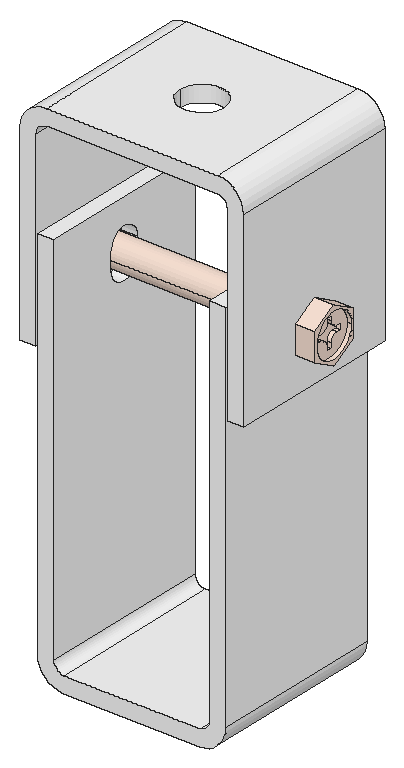
Revit family "boxhanger_60x30x10", category 機械設備, Revit 2022
Family settings
  丸型コネクタ寸法 = 直径を使用
  種別 = なし
  パーツ タイプ = 標準
  作業面ベース = いいえ
  常に垂直 = はい
  ロード時にボイドで切り取り = いいえ
  注釈の向きを維持 = いいえ
  共有 = いいえ
  部屋計算ポイント = いいえ
Parameters
  製造元 = "株式会社桐井製作所"
  既定の高さ = 0 mm
  URL = "https://www.kirii.co.jp/"
  K_角度 [instance] = 90.00°
  K_材質 = "SGHC　一般用"
  K_品名 = "60×30×10ボックスハンガー"
  K_名称 = "その他ハンガー"
  K_入数 = "100"
  K_バージョン情報 = "20211012"
  K_めっき付着量 = "Z12"
  K_JIS規格 = "JIS G 3302"
Reference planes
  plane 1 "中心(正面/背面)": y = 0
  plane 2: z = 0
  plane 3 "中心(左/右)": x = 0
Dimensions and locks
  "K_角度": angle nested 1 to plane 2
  aligned and locked: level to plane 2
Nested families
  nested 1: "60BOXハンガー下部金具" at (0, 0, 0), type "60BOXハンガー下部金具"
  nested 2: "60BOXハンガー上部金具" at (0, 0, 0), type "60BOXハンガー上部金具"
Definition of nested family "60BOXハンガー下部金具"
  Parameters (values of type "60BOXハンガー下部金具")
    Manufacturer = "株式会社桐井製作所"
    Default Elevation = 0 mm
    URL = "https://www.kirii.co.jp/"
    K_名称 = "60ボックスハンガー下部金具"
    K_バージョン情報 = "20211012"
  Reference planes
    plane 1 "中心(正面/背面)": y = 0
    plane 2: z = 0
    plane 3 "中心(左/右)": x = 0
  Forms (mm)
    Extrusion 1, solid
      sketch origin (0, 0, 10.261) x (1, 0, 0) y (0, 0, 1)
        loop
          line (18.678, -75.061) -> (18.678, -0.261) -> (15.478, -0.261) -> (15.478, -75.061)
          arc (15.478, -75.061) -> (14.892, -76.475) -> (13.478, -77.061) r 2
          line (13.478, -77.061) -> (-13.522, -77.061)
          arc (-13.522, -77.061) -> (-14.936, -76.475) -> (-15.522, -75.061) r 2
          line (-15.522, -75.061) -> (-15.522, -0.261) -> (-18.722, -0.261) -> (-18.722, -75.061)
          arc (-18.722, -75.061) -> (-17.199, -78.738) -> (-13.522, -80.261) r 5.2
          line (-13.522, -80.261) -> (13.478, -80.261)
          arc (13.478, -80.261) -> (17.155, -78.738) -> (18.678, -75.061) r 5.2
      from -17.5 to 17.5
    Extrusion 2, void
      sketch origin (0, 0, 0) x (0, 1, 0) y (0, 0, 1)
        loop
          arc (3.5, 1.5) -> (0, 5) -> (-3.5, 1.5) r 3.5
          line (-3.5, 1.5) -> (-3.5, -1.5)
          arc (-3.5, -1.5) -> (0, -5) -> (3.5, -1.5) r 3.5
          line (3.5, -1.5) -> (3.5, 1.5)
      from 15.478 to 18.678
    Extrusion 3, void
      sketch origin (-34.2, 0, 0) x (0, 1, 0) y (0, 0, 1)
        loop
          arc (3.5, 1.5) -> (0, 5) -> (-3.5, 1.5) r 3.5
          line (-3.5, 1.5) -> (-3.5, -1.5)
          arc (-3.5, -1.5) -> (0, -5) -> (3.5, -1.5) r 3.5
          line (3.5, -1.5) -> (3.5, 1.5)
      from 15.478 to 18.678
  Cuts and joins
    Extrusion 2, Extrusion 3 cuts Extrusion 1
  Dimensions and locks
    aligned and locked: level to plane 2
  Nested families
    nested 1: "M6×55ボルト" at (22.178, 0.022, 0.2) x (0, 1, 0) z (0, 0, 1), type "M6×55ボルト"
    nested 2: "M6ナット" at (-26.222, 0.011, 0.2) x (0, 1, 0) z (0, 0, 1), type "M6ナット"
  Definition of nested family "M6×55ボルト"
    Parameters (values of type "M6×55ボルト")
      Manufacturer = "株式会社桐井製作所"
      Default Elevation = 0 mm
      URL = "https://www.kirii.co.jp/"
      K_名称 = "M6×55ボルト"
    Reference planes
      plane 1 "中心(正面/背面)": y = 0
      plane 2: z = 0
      plane 3 "中心(左/右)": x = 0
      plane 4 "正面": y = -4
    Forms (mm)
      Extrusion 1, solid
        sketch origin (0, 0, 0) x (1, 0, 0) y (0, 0, 1)
          loop
            line (-4.763, -2.946) -> (0, -5.696) -> (4.763, -2.946) -> (4.763, 2.554) -> (0, 5.304) -> (-4.763, 2.554) -> (-4.763, -2.946)
        from 0 to 4
      Extrusion 2, void
        sketch origin (0, -4, 0) x (-1, 0, 0) y (0, 0, 1)
          loop
            circle (0, -0.156) r 4.396
        from 0 to 1
      Extrusion 3, void
        sketch origin (0, -4, 0) x (-1, 0, 0) y (0, 0, 1)
          loop
            arc (-0.6, 1.814) -> (-1.069, 0.856) -> (-2.036, 0.404) r 1.605
            line (-2.036, 0.404) -> (-2.939, 0.404)
            arc (-2.939, 0.404) -> (-3, -0.195) -> (-2.94, -0.795) r 3
            line (-2.94, -0.795) -> (-2.049, -0.795)
            arc (-2.049, -0.795) -> (-1.074, -1.243) -> (-0.6, -2.206) r 1.605
            line (-0.6, -2.206) -> (-0.6, -3.135)
            arc (-0.6, -3.135) -> (0, -3.196) -> (0.6, -3.135) r 3
            line (0.6, -3.135) -> (0.6, -2.206)
            arc (0.6, -2.206) -> (1.074, -1.243) -> (2.049, -0.795) r 1.605
            line (2.049, -0.795) -> (2.94, -0.795)
            arc (2.94, -0.795) -> (3, -0.198) -> (2.941, 0.398) r 3
            line (2.941, 0.398) -> (2.117, 0.398)
            arc (2.117, 0.398) -> (1.098, 0.828) -> (0.6, 1.814) r 1.605
            line (0.6, 1.814) -> (0.6, 2.743)
            arc (0.6, 2.743) -> (0, 2.804) -> (-0.6, 2.743) r 3
            line (-0.6, 2.743) -> (-0.6, 1.814)
        from 0 to 2
      Extrusion 4, solid
        sketch origin (0, 0, 0) x (1, 0, 0) y (0, 0, 1)
          loop
            circle (-0.011, -0.2) r 3
        from 0 to -55
    Cuts and joins
      Extrusion 2, Extrusion 3 cuts Extrusion 1
      joined: Extrusion 1, Extrusion 4
    Dimensions and locks
      aligned and locked: level to plane 2
  Definition of nested family "M6ナット"
    Parameters (values of type "M6ナット")
      Manufacturer = "株式会社桐井製作所"
      Default Elevation = 0 mm
      URL = "https://www.kirii.co.jp/"
      K_名称 = "M6ナット"
    Reference planes
      plane 1 "中心(正面/背面)": y = 0
      plane 2: z = 0
      plane 3 "中心(左/右)": x = 0
      plane 4 "正面": y = -4
    Forms (mm)
      Extrusion 1, solid
        sketch origin (0, 0, 0) x (1, 0, 0) y (0, 0, 1)
          loop
            line (-4.763, -2.946) -> (0, -5.696) -> (4.763, -2.946) -> (4.763, 2.554) -> (0, 5.304) -> (-4.763, 2.554) -> (-4.763, -2.946)
        from 0 to 4
      Extrusion 2, void
        sketch origin (0, 0, 0) x (1, 0, 0) y (0, 0, 1)
          loop
            circle (-0.011, -0.2) r 3
        from 0 to 4
    Cuts and joins
      Extrusion 2 cuts Extrusion 1
    Dimensions and locks
      aligned and locked: level to plane 2
Definition of nested family "60BOXハンガー上部金具"
  Parameters (values of type "60BOXハンガー上部金具")
    Manufacturer = "株式会社桐井製作所"
    Default Elevation = 0 mm
    URL = "https://www.kirii.co.jp/"
    K_名称 = "60ボックスハンガー下部金具"
    K_バージョン情報 = "20211012"
  Reference planes
    plane 1 "中心(正面/背面)": y = 0
    plane 2: z = 0
    plane 3 "中心(左/右)": x = 0
  Forms (mm)
    Extrusion 1, solid
      sketch origin (0, 0, 0) x (1, 0, 0) y (0, 0, 1)
        loop
          line (-19, -10.052) -> (-19, 27.748)
          arc (-19, 27.748) -> (-18.414, 29.162) -> (-17, 29.748) r 2
          line (-17, 29.748) -> (17, 29.748)
          arc (17, 29.748) -> (18.414, 29.162) -> (19, 27.748) r 2
          line (19, 27.748) -> (19, -10.052) -> (22.2, -10.052) -> (22.2, 27.748)
          arc (22.2, 27.748) -> (20.677, 31.425) -> (17, 32.948) r 5.2
          line (17, 32.948) -> (-17, 32.948)
          arc (-17, 32.948) -> (-20.677, 31.425) -> (-22.2, 27.748) r 5.2
          line (-22.2, 27.748) -> (-22.2, -10.052) -> (-19, -10.052)
      from -17.5 to 17.5
    Extrusion 2, void
      sketch origin (0, 0, 0) x (0, 1, 0) y (0, 0, 1)
        loop
          arc (3.5, 1.5) -> (0, 5) -> (-3.5, 1.5) r 3.5
          line (-3.5, 1.5) -> (-3.5, -1.5)
          arc (-3.5, -1.5) -> (0, -5) -> (3.5, -1.5) r 3.5
          line (3.5, -1.5) -> (3.5, 1.5)
      from 19 to 22.2
    Extrusion 3, void
      sketch origin (-41.2, 0, 0) x (0, 1, 0) y (0, 0, 1)
        loop
          arc (3.5, 1.5) -> (0, 5) -> (-3.5, 1.5) r 3.5
          line (-3.5, 1.5) -> (-3.5, -1.5)
          arc (-3.5, -1.5) -> (0, -5) -> (3.5, -1.5) r 3.5
          line (3.5, -1.5) -> (3.5, 1.5)
      from 19 to 22.2
    Extrusion 4, void
      sketch origin (0, 0, 0) x (1, 0, 0) y (0, 1, 0)
        loop
          circle (0, 0) r 4.5
      from 29.748 to 32.948
  Cuts and joins
    Extrusion 2, Extrusion 3, Extrusion 4 cuts Extrusion 1
  Dimensions and locks
    aligned and locked: level to plane 2
